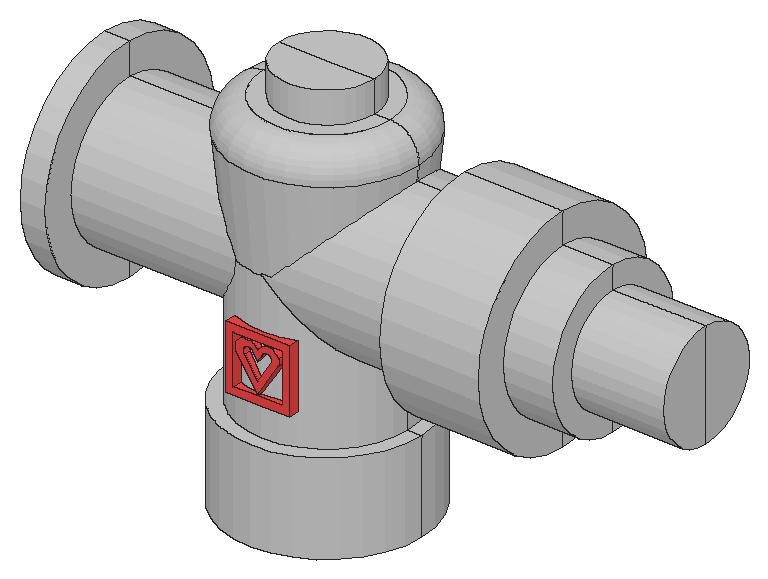
Revit family "Термостатический клапан HERZ-TS-98-VH М 30х1,5 с плавной, открытой преднастройкой, угловой, осевой специальный 7628", category Rohrzubehör, Revit 2018
Family settings
  Bemaßung runder Anschluss = Durchmesser verwenden
  Teiletyp = Unterbricht
  OmniClass-Nummer = 23.65.55.14
  OmniClass-Titel = Valves for Liquid Services
  Arbeitsebenenbasiert = Nein
  Immer vertikal = Ja
  Beim Laden mit Abzugskörper schneiden = Nein
  Gemeinsam genutzt = Nein
Parameters
  Среда = "Качество воды в соответствии с ÖNORM H 5195 или директивой VDI 2035."
  Соединительная резьба для термостатической головки = "M30x1.5"  # constant formula
  Область применения = "Системы водяного отопления, в которых гидравлическая балансировка с помощью запорных клапанов для отключения радиаторов невозможна или нежелательна."
  Номер заказа = 1762826  # constant formula
  Макс. рабочее давление = 1000000.0 Pa  # constant formula
  Макс. рабочая температура = 120 °C  # constant formula
  Корпус = "Никелированная латунь"  # constant formula
  Исполнение = "Все модели поставляются в никелированном исполнении со светло-серым защитным колпачком."
  Защитный колпачок = "Пластик, светло-серый"  # constant formula
  URL = "www.herz-armaturen.ru"
  SCRNSEQ = "ARM;ARM_TYP=\"ALLF\";2"
  SCRNCODE = "05;00;02"  # constant formula
  S02 = L06 + L07 - L03  # 26.800 mm
  S01 = 10.000 mm  # constant formula
  R06 = 4.000 mm  # constant formula
  R05 = 13.500 mm  # constant formula
  R04 = 11.500 mm  # constant formula
  R03 = 9.000 mm  # constant formula
  R02 = 6.750 mm  # constant formula
  R01 = 7.000 mm  # constant formula
  Nennweite = 15.000 mm  # constant formula
  LO1 = 16.000 mm  # constant formula
  L11 = L01 - L05  # 28.000 mm
  L10 = 7.500 mm  # constant formula
  L09 = 19.500 mm  # constant formula
  L08 = 13.200 mm  # constant formula
  L07 = 20.300 mm  # constant formula
  L06 = 14.000 mm  # constant formula
  L05 = 3.500 mm  # constant formula
  L04 = 28.000 mm  # constant formula
  L03 = 7.500 mm  # constant formula
  L02 = 27.000 mm  # constant formula
  L01 = 31.500 mm  # constant formula
  Hersteller = "HERZ Armaturen Ges.m.b.H."  # constant formula
  H04 = 12.900 mm  # constant formula
  H03 = 4.400 mm  # constant formula
  H02 = 22.350 mm  # constant formula
  H01 = 33.500 mm  # constant formula
  GT = 9.500 mm  # constant formula
  G2 = Nennweite / 2  # 7.500 mm
  G1 = Nennweite / 2  # 7.500 mm
  D08 = 5.300 mm  # constant formula
  D07 = 17.100 mm  # constant formula
  D06 = 10.650 mm  # constant formula
  D05 = 15.000 mm  # constant formula
  D04 = 9.525 mm  # constant formula
  D03 = 11.500 mm  # constant formula
  D02 = 10.500 mm  # constant formula
  D01 = 15.000 mm  # constant formula
Reference planes
  plane 1 "Mitte (Vorne/hinten)": y = 0
  plane 2: z = 0
  plane 3 "Mitte (Links/rechts)": x = 0
Forms (mm)
  Revolve 1, solid, material "Messing, weicher Gelbton, geschweißt", detail levels fine
    sketch origin (0, 0, 0) x (1, 0, 0) y (0, 0, 1)
      loop
        line (27, 0) -> (27, 9.525) -> (19.5, 9.525) -> (19.5, 11.5) -> (0, 11.5) -> (0, 10.5) -> (-28, 10.5) -> (-28, 15) -> (-31.5, 15) -> (-31.5, 0) -> (27, 0)
      axis (-31.5, 0) -> (27, 0)
    angle from 0 to 360
  Revolve 2, solid, material "Messing, weicher Gelbton, geschweißt", detail levels fine
    sketch origin (0, 0, 0) x (1, 0, 0) y (0, 0, 1)
      loop
        line (27, 0) -> (53.8, 0) -> (53.8, 7.5) -> (40.6, 7.5) -> (40.6, 10.65) -> (33.5, 10.65) -> (33.5, 15) -> (19.5, 15) -> (19.5, 9.525) -> (27, 9.525) -> (27, 0)
      axis (19.5, 0) -> (53.8, 0)
    angle from 0 to 360
  Revolve 3, solid, material "Messing, weicher Gelbton, geschweißt", detail levels fine
    sketch origin (0, 0, 0) x (1, 0, 0) y (0, 0, 1)
      loop
        line (0, 22.35) -> (0, -24) -> (7.5, -24) -> (7.5, -33.5) -> (13.5, -33.5) -> (13.5, -20.6) -> (11.5, -20.6) -> (11.5, 0) -> (12.969, 13.456)
        arc (12.969, 13.456) -> (11.998, 16.598) -> (9, 17.95) r 4
        line (9, 17.95) -> (6.75, 17.95) -> (6.75, 22.35) -> (0, 22.35)
      axis (0, 22.35) -> (0, -33.5)
    angle from 0 to 360
Lines and regions (mm)
  model lines, detail levels coarse+medium
    curve 1: line (0, 0, 0) -> (-13.5, 0, -33.5)
    curve 2: line (-13.5, 0, -33.5) -> (13.5, 0, -33.5)
    curve 3: line (13.5, 0, -33.5) -> (0, 0, 0)
    curve 4: line (0, 0, 0) -> (27, 0, 15)
    curve 5: line (27, 0, 15) -> (27, 0, -15)
    curve 6: line (27, 0, -15) -> (0, 0, 0)
    curve 7: line (0, 0, 0) -> (-31.5, 0, 0)
    curve 8: line (27, 0, 15) -> (37, 0, 15)
    curve 9: line (37, 0, 15) -> (27, 0, 0)
    curve 10: line (27, 0, -15) -> (37, 0, -15)
    curve 11: line (37, 0, -15) -> (27, 0, 0)
    curve 12: line (27, 0, 0) -> (53.8, 0, 0)
    curve 13: line (0, 0, 0) -> (-13.5, -33.5, 0)
    curve 14: line (-13.5, -33.5, 0) -> (13.5, -33.5, 0)
    curve 15: line (13.5, -33.5, 0) -> (0, 0, 0)
    curve 16: line (0, 0, 0) -> (27, 15, 0)
    curve 17: line (27, 15, 0) -> (27, -15, 0)
    curve 18: line (27, -15, 0) -> (0, 0, 0)
    curve 19: line (27, 15, 0) -> (37, 15, 0)
    curve 20: line (37, 15, 0) -> (27, 0, 0)
    curve 21: line (27, -15, 0) -> (37, -15, 0)
    curve 22: line (37, -15, 0) -> (27, 0, 0)
Dimensions and locks
  "D01": Revolve 1 sketch curve to Revolve 1 sketch curve
  "L05": Revolve 1 sketch curve to Revolve 1 sketch curve
  "D02": Revolve 1 sketch curve to Revolve 1 sketch curve
  "L01": plane 3 "Mitte (Links/rechts)" to Revolve 1 sketch curve
  "L02": plane 3 "Mitte (Links/rechts)" to Revolve 1 sketch curve
  "D03": Revolve 1 sketch curve to Revolve 1 sketch curve
  "D04": Revolve 1 sketch curve to Revolve 1 sketch curve
  "L04": Revolve 1 sketch curve to Revolve 1 sketch curve
  "L03": Revolve 1 sketch curve to Revolve 1 sketch curve
  "L06": Revolve 2 sketch curve to Revolve 2 sketch curve
  "L03": Revolve 2 sketch curve to Revolve 1
  "L02": Revolve 2 sketch curve to plane 3 "Mitte (Links/rechts)"
  "L07": Revolve 2 sketch curve to Revolve 2 sketch curve
  "L08": Revolve 2 sketch curve to Revolve 2 sketch curve
  "D04": Revolve 2 sketch curve to Revolve 2 sketch curve
  "D05": Revolve 2 sketch curve to Revolve 2 sketch curve
  "G2": Revolve 2 sketch curve to Revolve 2 sketch curve
  "D06": Revolve 2 sketch curve to Revolve 2 sketch curve
  "H01": plane 2 to Revolve 3 sketch curve
  "H02": Revolve 3 sketch curve to plane 2
  "R02": Revolve 3 sketch curve to Revolve 3 sketch curve
  "H03": Revolve 3 sketch curve to Revolve 3 sketch curve
  "H04": Revolve 3 sketch curve to Revolve 3 sketch curve
  "R05": Revolve 3 sketch curve to Revolve 3 sketch curve
  "R04": Revolve 3 sketch curve to Revolve 3 sketch curve
  "R03": Revolve 3 sketch curve to plane 3 "Mitte (Links/rechts)"
  "GT": Revolve 3 sketch curve to Revolve 3 sketch curve
  "G1": Revolve 3 sketch curve to Revolve 3 sketch curve
  "H01": plane 2 to curve 2
  "R05": curve 3 to plane 3 "Mitte (Links/rechts)" to curve 2
  "L02": curve 5 to plane 3 "Mitte (Links/rechts)"
  "D05": curve 8 to plane 2 to curve 10
  "S01": curve 5 to curve 9
  "S02": curve 12 to curve 12
  "L01": curve 7 to curve 7
  "H01": curve 14 to plane 1 "Mitte (Vorne/hinten)"
  "R05": curve 14 to plane 3 "Mitte (Links/rechts)" to curve 15
  "L02": plane 3 "Mitte (Links/rechts)" to curve 17
  "S01": curve 17 to curve 20
  "S01": curve 5 to curve 11
  "S01": curve 17 to curve 22
  "D05": curve 21 to plane 1 "Mitte (Vorne/hinten)" to curve 19
  "R04": nested 1 to plane 1 "Mitte (Vorne/hinten)"
  "LO1": plane 2 to nested 1
  "R06": radius of Revolve 3 sketch curve
  aligned and locked: level to plane 2
Automatic sketch dimensions
  curve 7 to level = 0.000 mm
  curve 1 to plane 3 "Mitte (Links/rechts)" = 0.000 mm
  curve 11 to level = 0.000 mm
  plane 1 "Mitte (Vorne/hinten)" to curve 13 = 0.000 mm
  curve 13 to plane 3 "Mitte (Links/rechts)" = 0.000 mm
  plane 1 "Mitte (Vorne/hinten)" to curve 20 = 0.000 mm
  Revolve 1 sketch curve to level = 0.000 mm  (x2)
  Revolve 1 sketch curve to Revolve 1 sketch curve = 1475.030 mm
  Revolve 1 sketch curve to Revolve 1 sketch curve = 1812.148 mm
  Revolve 2 sketch curve to level = 0.000 mm  (x2)
  Revolve 2 sketch curve to plane 3 "Mitte (Links/rechts)" = 1506.530 mm
  Revolve 2 sketch curve to Revolve 2 sketch curve = 1785.348 mm
  Revolve 3 sketch curve to plane 3 "Mitte (Links/rechts)" = 0.000 mm  (x2)
  Revolve 3 sketch curve to level = 0.000 mm
  Revolve 3 sketch curve to Revolve 3 sketch curve = 3.969 mm
  Revolve 3 sketch curve to Revolve 3 sketch curve = 332.545 mm
  Revolve 3 sketch curve to Revolve 3 sketch curve = 2191.965 mm
Nested families
  nested 1: "Herz-Logo-vorne" at (0, -11.5, -11.5) x (0, 1, 0) z (0, 0, 1), type "Herz-Logo-vorne"
Connectors
  piping at (53.8, 0, 0), diameter 15, driven by "Nennweite"
    settings: on Revolve 2, index 1, connector inside diameter 609.6 mm, connector length 0.000 mm, flow factor 0, pipe flow 0.0 L/s, pressure drop 0.0 Pa, fitting loss kfactor 0, connector angle 0.00°, fixture units 0, engagement length 0.000 mm, angle of deflection 0.00°, flow configuration 0, flow direction 2, fitting loss method 0, system type 7, joint type 0, gender type 0, connector reference index -1, connector utility 0, adjustable connector no, is connector primary yes, connector description ""
  piping at (0, 0, -24), diameter 15, driven by "Nennweite"
    settings: on Revolve 3, index 5, connector inside diameter 609.6 mm, connector length 0.000 mm, flow factor 0, pipe flow 0.0 L/s, pressure drop 0.0 Pa, fitting loss kfactor 0, connector angle 0.00°, fixture units 0, engagement length 0.000 mm, angle of deflection 0.00°, flow configuration 0, flow direction 1, fitting loss method 0, system type 7, joint type 0, gender type 0, connector reference index -1, connector utility 0, adjustable connector no, is connector primary no, connector description ""
Definition of nested family "Herz-Logo-vorne"
  Reference planes
    plane 1 "Mitte (Vorne/hinten)": y = 0
    plane 2: z = 0
    plane 3 "Mitte (Links/rechts)": x = 0
  Forms (mm)
    Extrusion 1, solid
      sketch origin (0.732, -0.018, 0.017) x (0, -1, 0) y (0, 0, 1)
        loop
          line (-0.018, -4.517) -> (4.482, -4.517) -> (4.482, 4.483) -> (-4.518, 4.483) -> (-4.518, -4.517) -> (-0.018, -4.517)
        loop
          line (-0.05, -3.48) -> (3.482, -3.48) -> (3.482, 3.483) -> (-3.518, 3.483) -> (-3.518, -3.48) -> (-0.05, -3.48)
        loop
          arc (-0.018, 2.383) -> (-1.543, 3.287) -> (-3.067, 2.383) r 1.738
          arc (-3.067, 2.383) -> (-3.191, 1.899) -> (-3.067, 1.415) r 1.009
          line (-3.067, 1.415) -> (-0.018, -3.281) -> (3.032, 1.415)
          arc (3.032, 1.415) -> (3.156, 1.899) -> (3.032, 2.383) r 1.009
          arc (3.032, 2.383) -> (1.507, 3.287) -> (-0.018, 2.383) r 1.738
        loop
          arc (1.885, 1.272) -> (2.005, 1.675) -> (1.885, 2.079) r 0.74
          arc (1.885, 2.079) -> (1.265, 2.416) -> (0.644, 2.079) r 0.74
          line (0.644, 2.079) -> (-0.018, 0.97) -> (-0.679, 2.079)
          arc (-0.679, 2.079) -> (-1.3, 2.416) -> (-1.921, 2.079) r 0.74
          arc (-1.921, 2.079) -> (-2.04, 1.675) -> (-1.921, 1.272) r 0.74
          line (-1.921, 1.272) -> (-0.018, -1.658) -> (1.885, 1.272)
      from 0 to 1.5
  Dimensions and locks
    aligned and locked: level to plane 2
